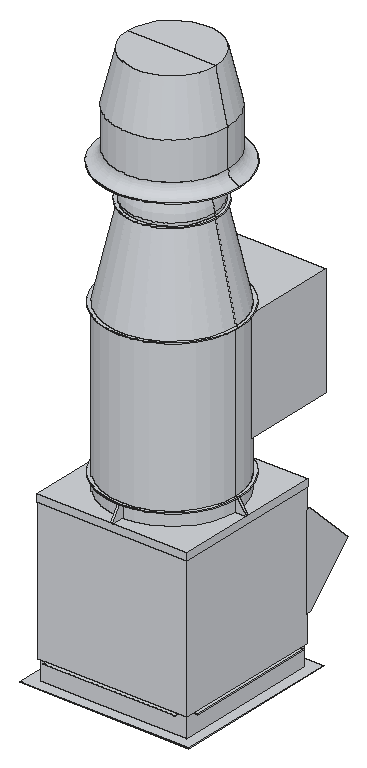
Revit family "QMXVP_with_Mixing_Box", category Mechanical Equipment, Revit 2019 (continued)
Types (225): name | UNIT_RADIUS+4" | UNIT_RADIUS*.6 | UNIT_RADIUS | UNIT_OD | UNIT_HEIGHT*.75 | UNIT_HEIGHT | TYPE | TRANSITION_TOP | RO/2 | RO | NOZZLE_WB_RAD-2" | NOZZLE_WB_RAD | NOZZLE_WB/4 | NOZZLE_TOP_RAD | NOZZLE_TOP_OD | NOZZLE_SIZE | NOZZLE_HEIGHT/7*2 | NOZZLE_HEIGHT | NOZZLE_BOTTOM_RAD | NOZZLE_WB_OD | NOZZLE_BOTTOM_ID | MB_HT/2 | MB_HT-2.75" | MB_HT+.25" | MB_HT | MB_A | GA | E | C/2 | C | B/2 | B | A/2 | A | Type Comments | Model | -A | (NOZZLE_WB_OD-NOZZLE_TOP_OD)/2 | (NOZZLE_HEIGHT-(NOZZLE_HEIGHT/8*2))/2 | (A/2)+.25"
  165_QMXHPVP-15H-Mixing_Box | 1' - 3 3/4" | 0' - 10.575" | 0' - 11 3/4" | 1' - 11 1/2" | 2' - 0 3/4" | 2' - 9" | 1' - 0" | 3' - 9 5/16" | 1' - 0 15/32" | 2' - 0 15/16" | 1' - 4" | 1' - 6" | 0' - 7.2" | 0' - 11 1/2" | 1' - 11" | 15' - 0" | 0' - 10 3/4" | 3' - 7" | 0' - 10 11/16" | 3' - 0" | 1' - 9 3/8" | 1' - 6 15/32" | 2' - 10 3/16" | 3' - 1 3/16" | 3' - 0 15/16" | 3' - 5" | 0' - 0 27/256" | 2' - 7 1/8" | 1' - 10" | 3' - 8" | 3' - 8 1/2" | 7' - 5" | 1' - 4" | 2' - 8" | "Vari-Plume Laboratory Exhaust Mixed-Flow High Pressure Inline Belt Drive With Mixing Box\r\n" | "QMXHPVP-Mixing Box" | -2' - 8" | 0' - 3 1/4" | 1' - 4 1/8" | 1' - 4 1/4"
  165_QMXHPVP-15L-Mixing_Box | 1' - 3 3/4" | 0' - 10.575" | 0' - 11 3/4" | 1' - 11 1/2" | 2' - 0 3/4" | 2' - 9" | 1' - 0" | 3' - 9 5/16" | 1' - 0 15/32" | 2' - 0 15/16" | 1' - 4" | 1' - 6" | 0' - 7.2" | 0' - 11 1/2" | 1' - 11" | 15' - 0" | 0' - 10 3/4" | 3' - 7" | 0' - 10 11/16" | 3' - 0" | 1' - 9 3/8" | 1' - 6 15/32" | 2' - 10 3/16" | 3' - 1 3/16" | 3' - 0 15/16" | 3' - 5" | 0' - 0 27/256" | 2' - 7 1/8" | 1' - 10" | 3' - 8" | 3' - 8 1/2" | 7' - 5" | 1' - 4" | 2' - 8" | "Vari-Plume Laboratory Exhaust Mixed-Flow High Pressure Inline Belt Drive With Mixing Box\r\n" | "QMXHPVP-Mixing Box" | -2' - 8" | 0' - 3 1/4" | 1' - 4 1/8" | 1' - 4 1/4"
  165_QMXHPVP-9H-Mixing_Box | 1' - 3 3/4" | 0' - 10.575" | 0' - 11 3/4" | 1' - 11 1/2" | 2' - 0 3/4" | 2' - 9" | 1' - 0" | 5' - 1 1/4" | 1' - 0 15/32" | 2' - 0 15/16" | 0' - 9 1/2" | 0' - 11 1/2" | 0' - 4.6" | 0' - 6 3/4" | 1' - 1 1/2" | 9' - 0" | 0' - 7" | 2' - 4" | 0' - 6 13/32" | 1' - 11" | 1' - 0 13/16" | 1' - 6 15/32" | 2' - 10 3/16" | 3' - 1 3/16" | 3' - 0 15/16" | 3' - 5" | 0' - 0 27/256" | 2' - 7 1/8" | 1' - 10" | 3' - 8" | 3' - 8 1/2" | 7' - 5" | 1' - 4" | 2' - 8" | "Vari-Plume Laboratory Exhaust Mixed-Flow High Pressure Inline Belt Drive With Mixing Box\r\n" | "QMXHPVP-Mixing Box" | -2' - 8" | 0' - 2 3/8" | 0' - 10 1/2" | 1' - 4 1/4"
  165_QMXHPVP-9L-Mixing_Box | 1' - 3 3/4" | 0' - 10.575" | 0' - 11 3/4" | 1' - 11 1/2" | 2' - 0 3/4" | 2' - 9" | 1' - 0" | 5' - 1 1/4" | 1' - 0 15/32" | 2' - 0 15/16" | 0' - 9 1/2" | 0' - 11 1/2" | 0' - 4.6" | 0' - 6 3/4" | 1' - 1 1/2" | 9' - 0" | 0' - 7" | 2' - 4" | 0' - 6 13/32" | 1' - 11" | 1' - 0 13/16" | 1' - 6 15/32" | 2' - 10 3/16" | 3' - 1 3/16" | 3' - 0 15/16" | 3' - 5" | 0' - 0 27/256" | 2' - 7 1/8" | 1' - 10" | 3' - 8" | 3' - 8 1/2" | 7' - 5" | 1' - 4" | 2' - 8" | "Vari-Plume Laboratory Exhaust Mixed-Flow High Pressure Inline Belt Drive With Mixing Box\r\n" | "QMXHPVP-Mixing Box" | -2' - 8" | 0' - 2 3/8" | 0' - 10 1/2" | 1' - 4 1/4"
  180_QMXHPVP-12H-Mixing_Box | 1' - 4 13/16" | 0' - 11 17/32" | 1' - 0 13/16" | 2' - 1 5/8" | 2' - 2 1/4" | 2' - 11" | 1' - 0" | 4' - 11 1/16" | 1' - 1 15/32" | 2' - 2 15/16" | 1' - 0" | 1' - 2" | 0' - 5.6" | 0' - 9 3/4" | 1' - 7 1/2" | 12' - 0" | 0' - 8" | 2' - 8" | 0' - 8 17/32" | 2' - 4" | 1' - 5 1/16" | 1' - 6 27/32" | 2' - 10 15/16" | 3' - 1 15/16" | 3' - 1 11/16" | 3' - 8" | 0' - 0 27/256" | 2' - 9 1/8" | 1' - 11" | 3' - 10" | 4' - 1" | 8' - 2" | 1' - 5" | 2' - 10" | "Vari-Plume Laboratory Exhaust Mixed-Flow High Pressure Inline Belt Drive With Mixing Box\r\n" | "QMXHPVP-Mixing Box" | -2' - 10" | 0' - 2 1/8" | 1' - 0" | 1' - 5 1/4"
  180_QMXHPVP-12L-Mixing_Box | 1' - 4 13/16" | 0' - 11 17/32" | 1' - 0 13/16" | 2' - 1 5/8" | 2' - 2 1/4" | 2' - 11" | 1' - 0" | 4' - 11 1/16" | 1' - 1 15/32" | 2' - 2 15/16" | 1' - 0" | 1' - 2" | 0' - 5.6" | 0' - 9 3/4" | 1' - 7 1/2" | 12' - 0" | 0' - 8" | 2' - 8" | 0' - 8 17/32" | 2' - 4" | 1' - 5 1/16" | 1' - 6 27/32" | 2' - 10 15/16" | 3' - 1 15/16" | 3' - 1 11/16" | 3' - 8" | 0' - 0 27/256" | 2' - 9 1/8" | 1' - 11" | 3' - 10" | 4' - 1" | 8' - 2" | 1' - 5" | 2' - 10" | "Vari-Plume Laboratory Exhaust Mixed-Flow High Pressure Inline Belt Drive With Mixing Box\r\n" | "QMXHPVP-Mixing Box" | -2' - 10" | 0' - 2 1/8" | 1' - 0" | 1' - 5 1/4"
  180_QMXHPVP-15H-Mixing_Box | 1' - 4 13/16" | 0' - 11 17/32" | 1' - 0 13/16" | 2' - 1 5/8" | 2' - 2 1/4" | 2' - 11" | 1' - 0" | 4' - 3 1/8" | 1' - 1 15/32" | 2' - 2 15/16" | 1' - 4" | 1' - 6" | 0' - 7.2" | 0' - 11 1/2" | 1' - 11" | 15' - 0" | 0' - 10 3/4" | 3' - 7" | 0' - 10 11/16" | 3' - 0" | 1' - 9 3/8" | 1' - 6 27/32" | 2' - 10 15/16" | 3' - 1 15/16" | 3' - 1 11/16" | 3' - 8" | 0' - 0 27/256" | 2' - 9 1/8" | 1' - 11" | 3' - 10" | 4' - 1" | 8' - 2" | 1' - 5" | 2' - 10" | "Vari-Plume Laboratory Exhaust Mixed-Flow High Pressure Inline Belt Drive With Mixing Box\r\n" | "QMXHPVP-Mixing Box" | -2' - 10" | 0' - 3 1/4" | 1' - 4 1/8" | 1' - 5 1/4"
  180_QMXHPVP-15L-Mixing_Box | 1' - 4 13/16" | 0' - 11 17/32" | 1' - 0 13/16" | 2' - 1 5/8" | 2' - 2 1/4" | 2' - 11" | 1' - 0" | 4' - 3 1/8" | 1' - 1 15/32" | 2' - 2 15/16" | 1' - 4" | 1' - 6" | 0' - 7.2" | 0' - 11 1/2" | 1' - 11" | 15' - 0" | 0' - 10 3/4" | 3' - 7" | 0' - 10 11/16" | 3' - 0" | 1' - 9 3/8" | 1' - 6 27/32" | 2' - 10 15/16" | 3' - 1 15/16" | 3' - 1 11/16" | 3' - 8" | 0' - 0 27/256" | 2' - 9 1/8" | 1' - 11" | 3' - 10" | 4' - 1" | 8' - 2" | 1' - 5" | 2' - 10" | "Vari-Plume Laboratory Exhaust Mixed-Flow High Pressure Inline Belt Drive With Mixing Box\r\n" | "QMXHPVP-Mixing Box" | -2' - 10" | 0' - 3 1/4" | 1' - 4 1/8" | 1' - 5 1/4"
  180_QMXHPVP-18H-Mixing_Box | 1' - 4 13/16" | 0' - 11 17/32" | 1' - 0 13/16" | 2' - 1 5/8" | 2' - 2 1/4" | 2' - 11" | 1' - 0" | 4' - 0 1/2" | 1' - 1 15/32" | 2' - 2 15/16" | 1' - 7 1/2" | 1' - 9 1/2" | 0' - 8.6" | 1' - 1 3/4" | 2' - 3 1/2" | 18' - 0" | 1' - 0" | 4' - 0" | 1' - 0 13/16" | 3' - 7" | 2' - 1 5/8" | 1' - 6 27/32" | 2' - 10 15/16" | 3' - 1 15/16" | 3' - 1 11/16" | 3' - 8" | 0' - 0 27/256" | 2' - 9 1/8" | 1' - 11" | 3' - 10" | 4' - 1" | 8' - 2" | 1' - 5" | 2' - 10" | "Vari-Plume Laboratory Exhaust Mixed-Flow High Pressure Inline Belt Drive With Mixing Box\r\n" | "QMXHPVP-Mixing Box" | -2' - 10" | 0' - 3 7/8" | 1' - 6" | 1' - 5 1/4"
  180_QMXHPVP-18L-Mixing_Box | 1' - 4 13/16" | 0' - 11 17/32" | 1' - 0 13/16" | 2' - 1 5/8" | 2' - 2 1/4" | 2' - 11" | 1' - 0" | 4' - 0 1/2" | 1' - 1 15/32" | 2' - 2 15/16" | 1' - 7 1/2" | 1' - 9 1/2" | 0' - 8.6" | 1' - 1 3/4" | 2' - 3 1/2" | 18' - 0" | 1' - 0" | 4' - 0" | 1' - 0 13/16" | 3' - 7" | 2' - 1 5/8" | 1' - 6 27/32" | 2' - 10 15/16" | 3' - 1 15/16" | 3' - 1 11/16" | 3' - 8" | 0' - 0 27/256" | 2' - 9 1/8" | 1' - 11" | 3' - 10" | 4' - 1" | 8' - 2" | 1' - 5" | 2' - 10" | "Vari-Plume Laboratory Exhaust Mixed-Flow High Pressure Inline Belt Drive With Mixing Box\r\n" | "QMXHPVP-Mixing Box" | -2' - 10" | 0' - 3 7/8" | 1' - 6" | 1' - 5 1/4"
  202_QMXHPVP-12H-Mixing_Box | 1' - 6 3/8" | 1' - 0 15/16" | 1' - 2 3/8" | 2' - 4 3/4" | 2' - 4 1/8" | 3' - 1 1/2" | 1' - 0" | 5' - 7 9/16" | 1' - 3 3/8" | 2' - 6 3/4" | 1' - 0" | 1' - 2" | 0' - 5.6" | 0' - 9 3/4" | 1' - 7 1/2" | 12' - 0" | 0' - 8" | 2' - 8" | 0' - 8 17/32" | 2' - 4" | 1' - 5 1/16" | 1' - 8 19/32" | 3' - 2 7/16" | 3' - 5 7/16" | 3' - 5 3/16" | 4' - 1" | 0' - 0 27/256" | 3' - 0 15/16" | 2' - 1" | 4' - 2" | 4' - 4" | 8' - 8" | 1' - 7" | 3' - 2" | "Vari-Plume Laboratory Exhaust Mixed-Flow High Pressure Inline Belt Drive With Mixing Box\r\n" | "QMXHPVP-Mixing Box" | -3' - 2" | 0' - 2 1/8" | 1' - 0" | 1' - 7 1/4"
  202_QMXHPVP-12L-Mixing_Box | 1' - 6 3/8" | 1' - 0 15/16" | 1' - 2 3/8" | 2' - 4 3/4" | 2' - 4 1/8" | 3' - 1 1/2" | 1' - 0" | 5' - 7 9/16" | 1' - 3 3/8" | 2' - 6 3/4" | 1' - 0" | 1' - 2" | 0' - 5.6" | 0' - 9 3/4" | 1' - 7 1/2" | 12' - 0" | 0' - 8" | 2' - 8" | 0' - 8 17/32" | 2' - 4" | 1' - 5 1/16" | 1' - 8 19/32" | 3' - 2 7/16" | 3' - 5 7/16" | 3' - 5 3/16" | 4' - 1" | 0' - 0 27/256" | 3' - 0 15/16" | 2' - 1" | 4' - 2" | 4' - 4" | 8' - 8" | 1' - 7" | 3' - 2" | "Vari-Plume Laboratory Exhaust Mixed-Flow High Pressure Inline Belt Drive With Mixing Box\r\n" | "QMXHPVP-Mixing Box" | -3' - 2" | 0' - 2 1/8" | 1' - 0" | 1' - 7 1/4"
  202_QMXHPVP-15H-Mixing_Box | 1' - 6 3/8" | 1' - 0 15/16" | 1' - 2 3/8" | 2' - 4 3/4" | 2' - 4 1/8" | 3' - 1 1/2" | 1' - 0" | 4' - 11 5/8" | 1' - 3 3/8" | 2' - 6 3/4" | 1' - 4" | 1' - 6" | 0' - 7.2" | 0' - 11 1/2" | 1' - 11" | 15' - 0" | 0' - 10 3/4" | 3' - 7" | 0' - 10 11/16" | 3' - 0" | 1' - 9 3/8" | 1' - 8 19/32" | 3' - 2 7/16" | 3' - 5 7/16" | 3' - 5 3/16" | 4' - 1" | 0' - 0 27/256" | 3' - 0 15/16" | 2' - 1" | 4' - 2" | 4' - 4" | 8' - 8" | 1' - 7" | 3' - 2" | "Vari-Plume Laboratory Exhaust Mixed-Flow High Pressure Inline Belt Drive With Mixing Box\r\n" | "QMXHPVP-Mixing Box" | -3' - 2" | 0' - 3 1/4" | 1' - 4 1/8" | 1' - 7 1/4"
  202_QMXHPVP-15L-Mixing_Box | 1' - 6 3/8" | 1' - 0 15/16" | 1' - 2 3/8" | 2' - 4 3/4" | 2' - 4 1/8" | 3' - 1 1/2" | 1' - 0" | 4' - 11 5/8" | 1' - 3 3/8" | 2' - 6 3/4" | 1' - 4" | 1' - 6" | 0' - 7.2" | 0' - 11 1/2" | 1' - 11" | 15' - 0" | 0' - 10 3/4" | 3' - 7" | 0' - 10 11/16" | 3' - 0" | 1' - 9 3/8" | 1' - 8 19/32" | 3' - 2 7/16" | 3' - 5 7/16" | 3' - 5 3/16" | 4' - 1" | 0' - 0 27/256" | 3' - 0 15/16" | 2' - 1" | 4' - 2" | 4' - 4" | 8' - 8" | 1' - 7" | 3' - 2" | "Vari-Plume Laboratory Exhaust Mixed-Flow High Pressure Inline Belt Drive With Mixing Box\r\n" | "QMXHPVP-Mixing Box" | -3' - 2" | 0' - 3 1/4" | 1' - 4 1/8" | 1' - 7 1/4"
  202_QMXHPVP-18H-Mixing_Box | 1' - 6 3/8" | 1' - 0 15/16" | 1' - 2 3/8" | 2' - 4 3/4" | 2' - 4 1/8" | 3' - 1 1/2" | 1' - 0" | 4' - 3 5/8" | 1' - 3 3/8" | 2' - 6 3/4" | 1' - 7 1/2" | 1' - 9 1/2" | 0' - 8.6" | 1' - 1 3/4" | 2' - 3 1/2" | 18' - 0" | 1' - 0" | 4' - 0" | 1' - 0 13/16" | 3' - 7" | 2' - 1 5/8" | 1' - 8 19/32" | 3' - 2 7/16" | 3' - 5 7/16" | 3' - 5 3/16" | 4' - 1" | 0' - 0 27/256" | 3' - 0 15/16" | 2' - 1" | 4' - 2" | 4' - 4" | 8' - 8" | 1' - 7" | 3' - 2" | "Vari-Plume Laboratory Exhaust Mixed-Flow High Pressure Inline Belt Drive With Mixing Box\r\n" | "QMXHPVP-Mixing Box" | -3' - 2" | 0' - 3 7/8" | 1' - 6" | 1' - 7 1/4"
  202_QMXHPVP-18L-Mixing_Box | 1' - 6 3/8" | 1' - 0 15/16" | 1' - 2 3/8" | 2' - 4 3/4" | 2' - 4 1/8" | 3' - 1 1/2" | 1' - 0" | 4' - 3 5/8" | 1' - 3 3/8" | 2' - 6 3/4" | 1' - 7 1/2" | 1' - 9 1/2" | 0' - 8.6" | 1' - 1 3/4" | 2' - 3 1/2" | 18' - 0" | 1' - 0" | 4' - 0" | 1' - 0 13/16" | 3' - 7" | 2' - 1 5/8" | 1' - 8 19/32" | 3' - 2 7/16" | 3' - 5 7/16" | 3' - 5 3/16" | 4' - 1" | 0' - 0 27/256" | 3' - 0 15/16" | 2' - 1" | 4' - 2" | 4' - 4" | 8' - 8" | 1' - 7" | 3' - 2" | "Vari-Plume Laboratory Exhaust Mixed-Flow High Pressure Inline Belt Drive With Mixing Box\r\n" | "QMXHPVP-Mixing Box" | -3' - 2" | 0' - 3 7/8" | 1' - 6" | 1' - 7 1/4"
  225_QMXHPVP-12H-Mixing_Box | 1' - 7 31/32" | 1' - 2.37188" | 1' - 3 31/32" | 2' - 7 15/16" | 2' - 6 3/4" | 3' - 5" | 1' - 0" | 6' - 5 1/16" | 1' - 5 3/8" | 2' - 10 3/4" | 1' - 0" | 1' - 2" | 0' - 5.6" | 0' - 9 3/4" | 1' - 7 1/2" | 12' - 0" | 0' - 8" | 2' - 8" | 0' - 8 17/32" | 2' - 4" | 1' - 5 1/16" | 1' - 9 19/32" | 3' - 4 7/16" | 3' - 7 7/16" | 3' - 7 3/16" | 4' - 6" | 0' - 0 27/256" | 3' - 4 15/16" | 2' - 4" | 4' - 8" | 4' - 8 1/2" | 9' - 5" | 1' - 9" | 3' - 6" | "Vari-Plume Laboratory Exhaust Mixed-Flow High Pressure Inline Belt Drive With Mixing Box\r\n" | "QMXHPVP-Mixing Box" | -3' - 6" | 0' - 2 1/8" | 1' - 0" | 1' - 9 1/4"
  225_QMXHPVP-12L-Mixing_Box | 1' - 7 31/32" | 1' - 2.37188" | 1' - 3 31/32" | 2' - 7 15/16" | 2' - 6 3/4" | 3' - 5" | 1' - 0" | 6' - 5 1/16" | 1' - 5 3/8" | 2' - 10 3/4" | 1' - 0" | 1' - 2" | 0' - 5.6" | 0' - 9 3/4" | 1' - 7 1/2" | 12' - 0" | 0' - 8" | 2' - 8" | 0' - 8 17/32" | 2' - 4" | 1' - 5 1/16" | 1' - 9 19/32" | 3' - 4 7/16" | 3' - 7 7/16" | 3' - 7 3/16" | 4' - 6" | 0' - 0 27/256" | 3' - 4 15/16" | 2' - 4" | 4' - 8" | 4' - 8 1/2" | 9' - 5" | 1' - 9" | 3' - 6" | "Vari-Plume Laboratory Exhaust Mixed-Flow High Pressure Inline Belt Drive With Mixing Box\r\n" | "QMXHPVP-Mixing Box" | -3' - 6" | 0' - 2 1/8" | 1' - 0" | 1' - 9 1/4"
  225_QMXHPVP-15H-Mixing_Box | 1' - 7 31/32" | 1' - 2.37188" | 1' - 3 31/32" | 2' - 7 15/16" | 2' - 6 3/4" | 3' - 5" | 1' - 0" | 5' - 9 1/8" | 1' - 5 3/8" | 2' - 10 3/4" | 1' - 4" | 1' - 6" | 0' - 7.2" | 0' - 11 1/2" | 1' - 11" | 15' - 0" | 0' - 10 3/4" | 3' - 7" | 0' - 10 11/16" | 3' - 0" | 1' - 9 3/8" | 1' - 9 19/32" | 3' - 4 7/16" | 3' - 7 7/16" | 3' - 7 3/16" | 4' - 6" | 0' - 0 27/256" | 3' - 4 15/16" | 2' - 4" | 4' - 8" | 4' - 8 1/2" | 9' - 5" | 1' - 9" | 3' - 6" | "Vari-Plume Laboratory Exhaust Mixed-Flow High Pressure Inline Belt Drive With Mixing Box\r\n" | "QMXHPVP-Mixing Box" | -3' - 6" | 0' - 3 1/4" | 1' - 4 1/8" | 1' - 9 1/4"
  225_QMXHPVP-15L-Mixing_Box | 1' - 7 31/32" | 1' - 2.37188" | 1' - 3 31/32" | 2' - 7 15/16" | 2' - 6 3/4" | 3' - 5" | 1' - 0" | 5' - 9 1/8" | 1' - 5 3/8" | 2' - 10 3/4" | 1' - 4" | 1' - 6" | 0' - 7.2" | 0' - 11 1/2" | 1' - 11" | 15' - 0" | 0' - 10 3/4" | 3' - 7" | 0' - 10 11/16" | 3' - 0" | 1' - 9 3/8" | 1' - 9 19/32" | 3' - 4 7/16" | 3' - 7 7/16" | 3' - 7 3/16" | 4' - 6" | 0' - 0 27/256" | 3' - 4 15/16" | 2' - 4" | 4' - 8" | 4' - 8 1/2" | 9' - 5" | 1' - 9" | 3' - 6" | "Vari-Plume Laboratory Exhaust Mixed-Flow High Pressure Inline Belt Drive With Mixing Box\r\n" | "QMXHPVP-Mixing Box" | -3' - 6" | 0' - 3 1/4" | 1' - 4 1/8" | 1' - 9 1/4"
  225_QMXVP-18H-Mixing_Box | 1' - 7 31/32" | 1' - 2.37188" | 1' - 3 31/32" | 2' - 7 15/16" | 2' - 6 3/4" | 3' - 5" | 0' - 0" | 5' - 1 1/8" | 1' - 5 3/8" | 2' - 10 3/4" | 1' - 7 1/2" | 1' - 9 1/2" | 0' - 8.6" | 1' - 1 3/4" | 2' - 3 1/2" | 18' - 0" | 1' - 0" | 4' - 0" | 1' - 0 13/16" | 3' - 7" | 2' - 1 5/8" | 1' - 9 19/32" | 3' - 4 7/16" | 3' - 7 7/16" | 3' - 7 3/16" | 4' - 6" | 0' - 0 27/256" | 3' - 4 15/16" | 2' - 4" | 4' - 8" | 4' - 8 1/2" | 9' - 5" | 1' - 9" | 3' - 6" | "Vari-Plume Laboratory Exhaust Mixed-Flow Inline Belt Drive With Mixing Box\r\n" | "QMXVP-Mixing Box" | -3' - 6" | 0' - 3 7/8" | 1' - 6" | 1' - 9 1/4"
  225_QMXHPVP-18L-Mixing_Box | 1' - 7 31/32" | 1' - 2.37188" | 1' - 3 31/32" | 2' - 7 15/16" | 2' - 6 3/4" | 3' - 5" | 1' - 0" | 5' - 1 1/8" | 1' - 5 3/8" | 2' - 10 3/4" | 1' - 7 1/2" | 1' - 9 1/2" | 0' - 8.6" | 1' - 1 3/4" | 2' - 3 1/2" | 18' - 0" | 1' - 0" | 4' - 0" | 1' - 0 13/16" | 3' - 7" | 2' - 1 5/8" | 1' - 9 19/32" | 3' - 4 7/16" | 3' - 7 7/16" | 3' - 7 3/16" | 4' - 6" | 0' - 0 27/256" | 3' - 4 15/16" | 2' - 4" | 4' - 8" | 4' - 8 1/2" | 9' - 5" | 1' - 9" | 3' - 6" | "Vari-Plume Laboratory Exhaust Mixed-Flow High Pressure Inline Belt Drive With Mixing Box\r\n" | "QMXHPVP-Mixing Box" | -3' - 6" | 0' - 3 7/8" | 1' - 6" | 1' - 9 1/4"
  245_QMXHPVP-15H-Mixing_Box | 1' - 9 3/8" | 1' - 3.6375" | 1' - 5 3/8" | 2' - 10 3/4" | 2' - 9 3/8" | 3' - 8 1/2" | 1' - 0" | 6' - 5 11/16" | 1' - 6 3/8" | 3' - 0 3/4" | 1' - 4" | 1' - 6" | 0' - 7.2" | 0' - 11 1/2" | 1' - 11" | 15' - 0" | 0' - 10 3/4" | 3' - 7" | 0' - 10 11/16" | 3' - 0" | 1' - 9 3/8" | 1' - 10 23/32" | 3' - 6 11/16" | 3' - 9 11/16" | 3' - 9 7/16" | 4' - 9" | 0' - 0 27/256" | 3' - 6 15/16" | 2' - 5 1/2" | 4' - 11" | 5' - 0 1/2" | 10' - 1" | 1' - 10" | 3' - 8" | "Vari-Plume Laboratory Exhaust Mixed-Flow High Pressure Inline Belt Drive With Mixing Box\r\n" | "QMXHPVP-Mixing Box" | -3' - 8" | 0' - 3 1/4" | 1' - 4 1/8" | 1' - 10 1/4"
  245_QMXHPVP-15L-Mixing_Box | 1' - 9 3/8" | 1' - 3.6375" | 1' - 5 3/8" | 2' - 10 3/4" | 2' - 9 3/8" | 3' - 8 1/2" | 1' - 0" | 6' - 5 11/16" | 1' - 6 3/8" | 3' - 0 3/4" | 1' - 4" | 1' - 6" | 0' - 7.2" | 0' - 11 1/2" | 1' - 11" | 15' - 0" | 0' - 10 3/4" | 3' - 7" | 0' - 10 11/16" | 3' - 0" | 1' - 9 3/8" | 1' - 10 23/32" | 3' - 6 11/16" | 3' - 9 11/16" | 3' - 9 7/16" | 4' - 9" | 0' - 0 27/256" | 3' - 6 15/16" | 2' - 5 1/2" | 4' - 11" | 5' - 0 1/2" | 10' - 1" | 1' - 10" | 3' - 8" | "Vari-Plume Laboratory Exhaust Mixed-Flow High Pressure Inline Belt Drive With Mixing Box\r\n" | "QMXHPVP-Mixing Box" | -3' - 8" | 0' - 3 1/4" | 1' - 4 1/8" | 1' - 10 1/4"
  245_QMXHPVP-18H-Mixing_Box | 1' - 9 3/8" | 1' - 3.6375" | 1' - 5 3/8" | 2' - 10 3/4" | 2' - 9 3/8" | 3' - 8 1/2" | 1' - 0" | 5' - 9 11/16" | 1' - 6 3/8" | 3' - 0 3/4" | 1' - 7 1/2" | 1' - 9 1/2" | 0' - 8.6" | 1' - 1 3/4" | 2' - 3 1/2" | 18' - 0" | 1' - 0" | 4' - 0" | 1' - 0 13/16" | 3' - 7" | 2' - 1 5/8" | 1' - 10 23/32" | 3' - 6 11/16" | 3' - 9 11/16" | 3' - 9 7/16" | 4' - 9" | 0' - 0 27/256" | 3' - 6 15/16" | 2' - 5 1/2" | 4' - 11" | 5' - 0 1/2" | 10' - 1" | 1' - 10" | 3' - 8" | "Vari-Plume Laboratory Exhaust Mixed-Flow High Pressure Inline Belt Drive With Mixing Box\r\n" | "QMXHPVP-Mixing Box" | -3' - 8" | 0' - 3 7/8" | 1' - 6" | 1' - 10 1/4"
  245_QMXHPVP-18L-Mixing_Box | 1' - 9 3/8" | 1' - 3.6375" | 1' - 5 3/8" | 2' - 10 3/4" | 2' - 9 3/8" | 3' - 8 1/2" | 1' - 0" | 5' - 9 11/16" | 1' - 6 3/8" | 3' - 0 3/4" | 1' - 7 1/2" | 1' - 9 1/2" | 0' - 8.6" | 1' - 1 3/4" | 2' - 3 1/2" | 18' - 0" | 1' - 0" | 4' - 0" | 1' - 0 13/16" | 3' - 7" | 2' - 1 5/8" | 1' - 10 23/32" | 3' - 6 11/16" | 3' - 9 11/16" | 3' - 9 7/16" | 4' - 9" | 0' - 0 27/256" | 3' - 6 15/16" | 2' - 5 1/2" | 4' - 11" | 5' - 0 1/2" | 10' - 1" | 1' - 10" | 3' - 8" | "Vari-Plume Laboratory Exhaust Mixed-Flow High Pressure Inline Belt Drive With Mixing Box\r\n" | "QMXHPVP-Mixing Box" | -3' - 8" | 0' - 3 7/8" | 1' - 6" | 1' - 10 1/4"
  245_QMXHPVP-24H-Mixing_Box | 1' - 9 3/8" | 1' - 3.6375" | 1' - 5 3/8" | 2' - 10 3/4" | 2' - 9 3/8" | 3' - 8 1/2" | 1' - 0" | 4' - 9 3/4" | 1' - 6 3/8" | 3' - 0 3/4" | 2' - 4 1/2" | 2' - 6 1/2" | 1' - 0.2" | 1' - 6 1/4" | 3' - 0 1/2" | 24' - 0" | 1' - 3 1/2" | 5' - 2" | 1' - 5 3/8" | 5' - 1" | 2' - 10 3/4" | 1' - 10 23/32" | 3' - 6 11/16" | 3' - 9 11/16" | 3' - 9 7/16" | 4' - 9" | 0' - 0 27/256" | 3' - 6 15/16" | 2' - 5 1/2" | 4' - 11" | 5' - 0 1/2" | 10' - 1" | 1' - 10" | 3' - 8" | "Vari-Plume Laboratory Exhaust Mixed-Flow High Pressure Inline Belt Drive With Mixing Box\r\n" | "QMXHPVP-Mixing Box" | -3' - 8" | 0' - 6 1/8" | 1' - 11 1/4" | 1' - 10 1/4"
  245_QMXHPVP-24L-Mixing_Box | 1' - 9 3/8" | 1' - 3.6375" | 1' - 5 3/8" | 2' - 10 3/4" | 2' - 9 3/8" | 3' - 8 1/2" | 1' - 0" | 4' - 9 3/4" | 1' - 6 3/8" | 3' - 0 3/4" | 2' - 4 1/2" | 2' - 6 1/2" | 1' - 0.2" | 1' - 6 1/4" | 3' - 0 1/2" | 24' - 0" | 1' - 3 1/2" | 5' - 2" | 1' - 5 3/8" | 5' - 1" | 2' - 10 3/4" | 1' - 10 23/32" | 3' - 6 11/16" | 3' - 9 11/16" | 3' - 9 7/16" | 4' - 9" | 0' - 0 27/256" | 3' - 6 15/16" | 2' - 5 1/2" | 4' - 11" | 5' - 0 1/2" | 10' - 1" | 1' - 10" | 3' - 8" | "Vari-Plume Laboratory Exhaust Mixed-Flow High Pressure Inline Belt Drive With Mixing Box\r\n" | "QMXHPVP-Mixing Box" | -3' - 8" | 0' - 6 1/8" | 1' - 11 1/4" | 1' - 10 1/4"
  270_QMXHPVP-15H-Mixing_Box | 1' - 11 5/32" | 1' - 5.24062" | 1' - 7 5/32" | 3' - 2 5/16" | 2' - 11 1/4" | 3' - 11" | 1' - 0" | 7' - 2 3/16" | 1' - 8 3/8" | 3' - 4 3/4" | 1' - 4" | 1' - 6" | 0' - 7.2" | 0' - 11 1/2" | 1' - 11" | 15' - 0" | 0' - 10 3/4" | 3' - 7" | 0' - 10 11/16" | 3' - 0" | 1' - 9 3/8" | 1' - 11 19/32" | 3' - 8 7/16" | 3' - 11 7/16" | 3' - 11 3/16" | 5' - 2" | 0' - 0 27/256" | 3' - 10 15/16" | 2' - 7 1/2" | 5' - 3" | 5' - 4" | 10' - 8" | 2' - 0" | 4' - 0" | "Vari-Plume Laboratory Exhaust Mixed-Flow High Pressure Inline Belt Drive With Mixing Box\r\n" | "QMXHPVP-Mixing Box" | -4' - 0" | 0' - 3 1/4" | 1' - 4 1/8" | 2' - 0 1/4"
  270_QMXHPVP-15L-Mixing_Box | 1' - 11 5/32" | 1' - 5.24062" | 1' - 7 5/32" | 3' - 2 5/16" | 2' - 11 1/4" | 3' - 11" | 1' - 0" | 7' - 2 3/16" | 1' - 8 3/8" | 3' - 4 3/4" | 1' - 4" | 1' - 6" | 0' - 7.2" | 0' - 11 1/2" | 1' - 11" | 15' - 0" | 0' - 10 3/4" | 3' - 7" | 0' - 10 11/16" | 3' - 0" | 1' - 9 3/8" | 1' - 11 19/32" | 3' - 8 7/16" | 3' - 11 7/16" | 3' - 11 3/16" | 5' - 2" | 0' - 0 27/256" | 3' - 10 15/16" | 2' - 7 1/2" | 5' - 3" | 5' - 4" | 10' - 8" | 2' - 0" | 4' - 0" | "Vari-Plume Laboratory Exhaust Mixed-Flow High Pressure Inline Belt Drive With Mixing Box\r\n" | "QMXHPVP-Mixing Box" | -4' - 0" | 0' - 3 1/4" | 1' - 4 1/8" | 2' - 0 1/4"
  270_QMXHPVP-18H-Mixing_Box | 1' - 11 5/32" | 1' - 5.24062" | 1' - 7 5/32" | 3' - 2 5/16" | 2' - 11 1/4" | 3' - 11" | 1' - 0" | 6' - 7 3/16" | 1' - 8 3/8" | 3' - 4 3/4" | 1' - 7 1/2" | 1' - 9 1/2" | 0' - 8.6" | 1' - 1 3/4" | 2' - 3 1/2" | 18' - 0" | 1' - 0" | 4' - 0" | 1' - 0 13/16" | 3' - 7" | 2' - 1 5/8" | 1' - 11 19/32" | 3' - 8 7/16" | 3' - 11 7/16" | 3' - 11 3/16" | 5' - 2" | 0' - 0 27/256" | 3' - 10 15/16" | 2' - 7 1/2" | 5' - 3" | 5' - 4" | 10' - 8" | 2' - 0" | 4' - 0" | "Vari-Plume Laboratory Exhaust Mixed-Flow High Pressure Inline Belt Drive With Mixing Box\r\n" | "QMXHPVP-Mixing Box" | -4' - 0" | 0' - 3 7/8" | 1' - 6" | 2' - 0 1/4"
  270_QMXHPVP-18L-Mixing_Box | 1' - 11 5/32" | 1' - 5.24062" | 1' - 7 5/32" | 3' - 2 5/16" | 2' - 11 1/4" | 3' - 11" | 1' - 0" | 6' - 7 3/16" | 1' - 8 3/8" | 3' - 4 3/4" | 1' - 7 1/2" | 1' - 9 1/2" | 0' - 8.6" | 1' - 1 3/4" | 2' - 3 1/2" | 18' - 0" | 1' - 0" | 4' - 0" | 1' - 0 13/16" | 3' - 7" | 2' - 1 5/8" | 1' - 11 19/32" | 3' - 8 7/16" | 3' - 11 7/16" | 3' - 11 3/16" | 5' - 2" | 0' - 0 27/256" | 3' - 10 15/16" | 2' - 7 1/2" | 5' - 3" | 5' - 4" | 10' - 8" | 2' - 0" | 4' - 0" | "Vari-Plume Laboratory Exhaust Mixed-Flow High Pressure Inline Belt Drive With Mixing Box\r\n" | "QMXHPVP-Mixing Box" | -4' - 0" | 0' - 3 7/8" | 1' - 6" | 2' - 0 1/4"
  270_QMXHPVP-24H-Mixing_Box | 1' - 11 5/32" | 1' - 5.24062" | 1' - 7 5/32" | 3' - 2 5/16" | 2' - 11 1/4" | 3' - 11" | 1' - 0" | 5' - 2 1/4" | 1' - 8 3/8" | 3' - 4 3/4" | 2' - 4 1/2" | 2' - 6 1/2" | 1' - 0.2" | 1' - 6 1/4" | 3' - 0 1/2" | 24' - 0" | 1' - 3 1/2" | 5' - 2" | 1' - 5 3/8" | 5' - 1" | 2' - 10 3/4" | 1' - 11 19/32" | 3' - 8 7/16" | 3' - 11 7/16" | 3' - 11 3/16" | 5' - 2" | 0' - 0 27/256" | 3' - 10 15/16" | 2' - 7 1/2" | 5' - 3" | 5' - 4" | 10' - 8" | 2' - 0" | 4' - 0" | "Vari-Plume Laboratory Exhaust Mixed-Flow High Pressure Inline Belt Drive With Mixing Box\r\n" | "QMXHPVP-Mixing Box" | -4' - 0" | 0' - 6 1/8" | 1' - 11 1/4" | 2' - 0 1/4"
  270_QMXHPVP-24L-Mixing_Box | 1' - 11 5/32" | 1' - 5.24062" | 1' - 7 5/32" | 3' - 2 5/16" | 2' - 11 1/4" | 3' - 11" | 1' - 0" | 5' - 2 1/4" | 1' - 8 3/8" | 3' - 4 3/4" | 2' - 4 1/2" | 2' - 6 1/2" | 1' - 0.2" | 1' - 6 1/4" | 3' - 0 1/2" | 24' - 0" | 1' - 3 1/2" | 5' - 2" | 1' - 5 3/8" | 5' - 1" | 2' - 10 3/4" | 1' - 11 19/32" | 3' - 8 7/16" | 3' - 11 7/16" | 3' - 11 3/16" | 5' - 2" | 0' - 0 27/256" | 3' - 10 15/16" | 2' - 7 1/2" | 5' - 3" | 5' - 4" | 10' - 8" | 2' - 0" | 4' - 0" | "Vari-Plume Laboratory Exhaust Mixed-Flow High Pressure Inline Belt Drive With Mixing Box\r\n" | "QMXHPVP-Mixing Box" | -4' - 0" | 0' - 6 1/8" | 1' - 11 1/4" | 2' - 0 1/4"
  300_QMXHPVP-18H-Mixing_Box | 2' - 1 1/4" | 1' - 7 1/8" | 1' - 9 1/4" | 3' - 6 1/2" | 3' - 4 1/2" | 4' - 6" | 1' - 0" | 7' - 10 3/16" | 1' - 10 3/8" | 3' - 8 3/4" | 1' - 7 1/2" | 1' - 9 1/2" | 0' - 8.6" | 1' - 1 3/4" | 2' - 3 1/2" | 18' - 0" | 1' - 0" | 4' - 0" | 1' - 0 13/16" | 3' - 7" | 2' - 1 5/8" | 2' - 1 7/32" | 3' - 11 11/16" | 4' - 2 11/16" | 4' - 2 7/16" | 5' - 8" | 0' - 0 27/256" | 4' - 2 15/16" | 2' - 9 1/2" | 5' - 7" | 6' - 2" | 12' - 4" | 2' - 2" | 4' - 4" | "Vari-Plume Laboratory Exhaust Mixed-Flow High Pressure Inline Belt Drive With Mixing Box\r\n" | "QMXHPVP-Mixing Box" | -4' - 4" | 0' - 3 7/8" | 1' - 6" | 2' - 2 1/4"
  300_QMXHPVP-18L-Mixing_Box | 2' - 1 1/4" | 1' - 7 1/8" | 1' - 9 1/4" | 3' - 6 1/2" | 3' - 4 1/2" | 4' - 6" | 1' - 0" | 7' - 10 3/16" | 1' - 10 3/8" | 3' - 8 3/4" | 1' - 7 1/2" | 1' - 9 1/2" | 0' - 8.6" | 1' - 1 3/4" | 2' - 3 1/2" | 18' - 0" | 1' - 0" | 4' - 0" | 1' - 0 13/16" | 3' - 7" | 2' - 1 5/8" | 2' - 1 7/32" | 3' - 11 11/16" | 4' - 2 11/16" | 4' - 2 7/16" | 5' - 8" | 0' - 0 27/256" | 4' - 2 15/16" | 2' - 9 1/2" | 5' - 7" | 6' - 2" | 12' - 4" | 2' - 2" | 4' - 4" | "Vari-Plume Laboratory Exhaust Mixed-Flow High Pressure Inline Belt Drive With Mixing Box\r\n" | "QMXHPVP-Mixing Box" | -4' - 4" | 0' - 3 7/8" | 1' - 6" | 2' - 2 1/4"
  300_QMXHPVP-24H-Mixing_Box | 2' - 1 1/4" | 1' - 7 1/8" | 1' - 9 1/4" | 3' - 6 1/2" | 3' - 4 1/2" | 4' - 6" | 1' - 0" | 6' - 5 1/4" | 1' - 10 3/8" | 3' - 8 3/4" | 2' - 4 1/2" | 2' - 6 1/2" | 1' - 0.2" | 1' - 6 1/4" | 3' - 0 1/2" | 24' - 0" | 1' - 3 1/2" | 5' - 2" | 1' - 5 3/8" | 5' - 1" | 2' - 10 3/4" | 2' - 1 7/32" | 3' - 11 11/16" | 4' - 2 11/16" | 4' - 2 7/16" | 5' - 8" | 0' - 0 27/256" | 4' - 2 15/16" | 2' - 9 1/2" | 5' - 7" | 6' - 2" | 12' - 4" | 2' - 2" | 4' - 4" | "Vari-Plume Laboratory Exhaust Mixed-Flow High Pressure Inline Belt Drive With Mixing Box\r\n" | "QMXHPVP-Mixing Box" | -4' - 4" | 0' - 6 1/8" | 1' - 11 1/4" | 2' - 2 1/4"
  300_QMXHPVP-24L-Mixing_Box | 2' - 1 1/4" | 1' - 7 1/8" | 1' - 9 1/4" | 3' - 6 1/2" | 3' - 4 1/2" | 4' - 6" | 1' - 0" | 6' - 5 1/4" | 1' - 10 3/8" | 3' - 8 3/4" | 2' - 4 1/2" | 2' - 6 1/2" | 1' - 0.2" | 1' - 6 1/4" | 3' - 0 1/2" | 24' - 0" | 1' - 3 1/2" | 5' - 2" | 1' - 5 3/8" | 5' - 1" | 2' - 10 3/4" | 2' - 1 7/32" | 3' - 11 11/16" | 4' - 2 11/16" | 4' - 2 7/16" | 5' - 8" | 0' - 0 27/256" | 4' - 2 15/16" | 2' - 9 1/2" | 5' - 7" | 6' - 2" | 12' - 4" | 2' - 2" | 4' - 4" | "Vari-Plume Laboratory Exhaust Mixed-Flow High Pressure Inline Belt Drive With Mixing Box\r\n" | "QMXHPVP-Mixing Box" | -4' - 4" | 0' - 6 1/8" | 1' - 11 1/4" | 2' - 2 1/4"
  300_QMXHPVP-30H-Mixing_Box | 2' - 1 1/4" | 1' - 7 1/8" | 1' - 9 1/4" | 3' - 6 1/2" | 3' - 4 1/2" | 4' - 6" | 1' - 0" | 5' - 8 1/4" | 1' - 10 3/8" | 3' - 8 3/4" | 2' - 11" | 3' - 1" | 1' - 2.8" | 1' - 10 3/4" | 3' - 9 1/2" | 30' - 0" | 1' - 7 1/2" | 6' - 6" | 1' - 9 1/4" | 6' - 2" | 3' - 6 1/2" | 2' - 1 7/32" | 3' - 11 11/16" | 4' - 2 11/16" | 4' - 2 7/16" | 5' - 8" | 0' - 0 27/256" | 4' - 2 15/16" | 2' - 9 1/2" | 5' - 7" | 6' - 2" | 12' - 4" | 2' - 2" | 4' - 4" | "Vari-Plume Laboratory Exhaust Mixed-Flow High Pressure Inline Belt Drive With Mixing Box\r\n" | "QMXHPVP-Mixing Box" | -4' - 4" | 0' - 7 1/8" | 2' - 5 1/4" | 2' - 2 1/4"
  300_QMXHPVP-30L-Mixing_Box | 2' - 1 1/4" | 1' - 7 1/8" | 1' - 9 1/4" | 3' - 6 1/2" | 3' - 4 1/2" | 4' - 6" | 1' - 0" | 5' - 8 1/4" | 1' - 10 3/8" | 3' - 8 3/4" | 2' - 11" | 3' - 1" | 1' - 2.8" | 1' - 10 3/4" | 3' - 9 1/2" | 30' - 0" | 1' - 7 1/2" | 6' - 6" | 1' - 9 1/4" | 6' - 2" | 3' - 6 1/2" | 2' - 1 7/32" | 3' - 11 11/16" | 4' - 2 11/16" | 4' - 2 7/16" | 5' - 8" | 0' - 0 27/256" | 4' - 2 15/16" | 2' - 9 1/2" | 5' - 7" | 6' - 2" | 12' - 4" | 2' - 2" | 4' - 4" | "Vari-Plume Laboratory Exhaust Mixed-Flow High Pressure Inline Belt Drive With Mixing Box\r\n" | "QMXHPVP-Mixing Box" | -4' - 4" | 0' - 7 1/8" | 2' - 5 1/4" | 2' - 2 1/4"
  330_QMXHPVP-24H-Mixing_Box | 2' - 3 3/8" | 1' - 9.0375" | 1' - 11 3/8" | 3' - 10 3/4" | 3' - 7 7/8" | 4' - 10 1/2" | 1' - 0" | 7' - 5 3/4" | 2' - 0 5/16" | 4' - 0 5/8" | 2' - 4 1/2" | 2' - 6 1/2" | 1' - 0.2" | 1' - 6 1/4" | 3' - 0 1/2" | 24' - 0" | 1' - 3 1/2" | 5' - 2" | 1' - 5 3/8" | 5' - 1" | 2' - 10 3/4" | 2' - 2 27/32" | 4' - 2 15/16" | 4' - 5 15/16" | 4' - 5 11/16" | 6' - 1" | 0' - 0 27/256" | 4' - 6 13/16" | 3' - 0 1/2" | 6' - 1" | 6' - 5" | 12' - 10" | 2' - 4" | 4' - 8" | "Vari-Plume Laboratory Exhaust Mixed-Flow High Pressure Inline Belt Drive With Mixing Box\r\n" | "QMXHPVP-Mixing Box" | -4' - 8" | 0' - 6 1/8" | 1' - 11 1/4" | 2' - 4 1/4"
  330_QMXHPVP-24L-Mixing_Box | 2' - 3 3/8" | 1' - 9.0375" | 1' - 11 3/8" | 3' - 10 3/4" | 3' - 7 7/8" | 4' - 10 1/2" | 1' - 0" | 7' - 5 3/4" | 2' - 0 5/16" | 4' - 0 5/8" | 2' - 4 1/2" | 2' - 6 1/2" | 1' - 0.2" | 1' - 6 1/4" | 3' - 0 1/2" | 24' - 0" | 1' - 3 1/2" | 5' - 2" | 1' - 5 3/8" | 5' - 1" | 2' - 10 3/4" | 2' - 2 27/32" | 4' - 2 15/16" | 4' - 5 15/16" | 4' - 5 11/16" | 6' - 1" | 0' - 0 27/256" | 4' - 6 13/16" | 3' - 0 1/2" | 6' - 1" | 6' - 5" | 12' - 10" | 2' - 4" | 4' - 8" | "Vari-Plume Laboratory Exhaust Mixed-Flow High Pressure Inline Belt Drive With Mixing Box\r\n" | "QMXHPVP-Mixing Box" | -4' - 8" | 0' - 6 1/8" | 1' - 11 1/4" | 2' - 4 1/4"
  330_QMXHPVP-30H-Mixing_Box | 2' - 3 3/8" | 1' - 9.0375" | 1' - 11 3/8" | 3' - 10 3/4" | 3' - 7 7/8" | 4' - 10 1/2" | 1' - 0" | 6' - 2 3/4" | 2' - 0 5/16" | 4' - 0 5/8" | 2' - 11" | 3' - 1" | 1' - 2.8" | 1' - 10 3/4" | 3' - 9 1/2" | 30' - 0" | 1' - 7 1/2" | 6' - 6" | 1' - 9 1/4" | 6' - 2" | 3' - 6 1/2" | 2' - 2 27/32" | 4' - 2 15/16" | 4' - 5 15/16" | 4' - 5 11/16" | 6' - 1" | 0' - 0 27/256" | 4' - 6 13/16" | 3' - 0 1/2" | 6' - 1" | 6' - 5" | 12' - 10" | 2' - 4" | 4' - 8" | "Vari-Plume Laboratory Exhaust Mixed-Flow High Pressure Inline Belt Drive With Mixing Box\r\n" | "QMXHPVP-Mixing Box" | -4' - 8" | 0' - 7 1/8" | 2' - 5 1/4" | 2' - 4 1/4"
  330_QMXHPVP-30L-Mixing_Box | 2' - 3 3/8" | 1' - 9.0375" | 1' - 11 3/8" | 3' - 10 3/4" | 3' - 7 7/8" | 4' - 10 1/2" | 1' - 0" | 6' - 2 3/4" | 2' - 0 5/16" | 4' - 0 5/8" | 2' - 11" | 3' - 1" | 1' - 2.8" | 1' - 10 3/4" | 3' - 9 1/2" | 30' - 0" | 1' - 7 1/2" | 6' - 6" | 1' - 9 1/4" | 6' - 2" | 3' - 6 1/2" | 2' - 2 27/32" | 4' - 2 15/16" | 4' - 5 15/16" | 4' - 5 11/16" | 6' - 1" | 0' - 0 27/256" | 4' - 6 13/16" | 3' - 0 1/2" | 6' - 1" | 6' - 5" | 12' - 10" | 2' - 4" | 4' - 8" | "Vari-Plume Laboratory Exhaust Mixed-Flow High Pressure Inline Belt Drive With Mixing Box\r\n" | "QMXHPVP-Mixing Box" | -4' - 8" | 0' - 7 1/8" | 2' - 5 1/4" | 2' - 4 1/4"
  365_QMXHPVP-24H-Mixing_Box | 2' - 5 7/8" | 1' - 11.2875" | 2' - 1 7/8" | 4' - 3 3/4" | 4' - 0" | 5' - 4" | 1' - 0" | 8' - 8 1/4" | 2' - 3 1/4" | 4' - 6 1/2" | 2' - 4 1/2" | 2' - 6 1/2" | 1' - 0.2" | 1' - 6 1/4" | 3' - 0 1/2" | 24' - 0" | 1' - 3 1/2" | 5' - 2" | 1' - 5 3/8" | 5' - 1" | 2' - 10 3/4" | 2' - 5 27/32" | 4' - 8 15/16" | 4' - 11 15/16" | 4' - 11 11/16" | 6' - 10" | 0' - 0 27/256" | 5' - 0 3/4" | 3' - 3 1/2" | 6' - 7" | 7' - 3 1/2" | 14' - 7" | 2' - 7" | 5' - 2" | "Vari-Plume Laboratory Exhaust Mixed-Flow High Pressure Inline Belt Drive With Mixing Box\r\n" | "QMXHPVP-Mixing Box" | -5' - 2" | 0' - 6 1/8" | 1' - 11 1/4" | 2' - 7 1/4"
  365_QMXHPVP-24L-Mixing_Box | 2' - 5 7/8" | 1' - 11.2875" | 2' - 1 7/8" | 4' - 3 3/4" | 4' - 0" | 5' - 4" | 1' - 0" | 8' - 8 1/4" | 2' - 3 1/4" | 4' - 6 1/2" | 2' - 4 1/2" | 2' - 6 1/2" | 1' - 0.2" | 1' - 6 1/4" | 3' - 0 1/2" | 24' - 0" | 1' - 3 1/2" | 5' - 2" | 1' - 5 3/8" | 5' - 1" | 2' - 10 3/4" | 2' - 5 27/32" | 4' - 8 15/16" | 4' - 11 15/16" | 4' - 11 11/16" | 6' - 10" | 0' - 0 27/256" | 5' - 0 3/4" | 3' - 3 1/2" | 6' - 7" | 7' - 3 1/2" | 14' - 7" | 2' - 7" | 5' - 2" | "Vari-Plume Laboratory Exhaust Mixed-Flow High Pressure Inline Belt Drive With Mixing Box\r\n" | "QMXHPVP-Mixing Box" | -5' - 2" | 0' - 6 1/8" | 1' - 11 1/4" | 2' - 7 1/4"
  365_QMXHPVP-30H-Mixing_Box | 2' - 5 7/8" | 1' - 11.2875" | 2' - 1 7/8" | 4' - 3 3/4" | 4' - 0" | 5' - 4" | 1' - 0" | 7' - 5 1/2" | 2' - 3 1/4" | 4' - 6 1/2" | 2' - 11" | 3' - 1" | 1' - 2.8" | 1' - 10 3/4" | 3' - 9 1/2" | 30' - 0" | 1' - 7 1/2" | 6' - 6" | 1' - 9 1/4" | 6' - 2" | 3' - 6 1/2" | 2' - 5 27/32" | 4' - 8 15/16" | 4' - 11 15/16" | 4' - 11 11/16" | 6' - 10" | 0' - 0 27/256" | 5' - 0 3/4" | 3' - 3 1/2" | 6' - 7" | 7' - 3 1/2" | 14' - 7" | 2' - 7" | 5' - 2" | "Vari-Plume Laboratory Exhaust Mixed-Flow High Pressure Inline Belt Drive With Mixing Box\r\n" | "QMXHPVP-Mixing Box" | -5' - 2" | 0' - 7 1/8" | 2' - 5 1/4" | 2' - 7 1/4"
  365_QMXHPVP-30L-Mixing_Box | 2' - 5 7/8" | 1' - 11.2875" | 2' - 1 7/8" | 4' - 3 3/4" | 4' - 0" | 5' - 4" | 1' - 0" | 7' - 5 1/2" | 2' - 3 1/4" | 4' - 6 1/2" | 2' - 11" | 3' - 1" | 1' - 2.8" | 1' - 10 3/4" | 3' - 9 1/2" | 30' - 0" | 1' - 7 1/2" | 6' - 6" | 1' - 9 1/4" | 6' - 2" | 3' - 6 1/2" | 2' - 5 27/32" | 4' - 8 15/16" | 4' - 11 15/16" | 4' - 11 11/16" | 6' - 10" | 0' - 0 27/256" | 5' - 0 3/4" | 3' - 3 1/2" | 6' - 7" | 7' - 3 1/2" | 14' - 7" | 2' - 7" | 5' - 2" | "Vari-Plume Laboratory Exhaust Mixed-Flow High Pressure Inline Belt Drive With Mixing Box\r\n" | "QMXHPVP-Mixing Box" | -5' - 2" | 0' - 7 1/8" | 2' - 5 1/4" | 2' - 7 1/4"
  365_QMXVP-36H-Mixing_Box | 2' - 5 7/8" | 1' - 11.2875" | 2' - 1 7/8" | 4' - 3 3/4" | 4' - 0" | 5' - 4" | 0' - 0" | 6' - 6 1/4" | 2' - 3 1/4" | 4' - 6 1/2" | 3' - 7" | 3' - 9" | 1' - 6" | 2' - 5" | 4' - 10" | 36' - 0" | 1' - 11 3/4" | 7' - 11" | 2' - 1 7/8" | 7' - 6" | 4' - 3 3/4" | 2' - 5 27/32" | 4' - 8 15/16" | 4' - 11 15/16" | 4' - 11 11/16" | 6' - 10" | 0' - 0 27/256" | 5' - 0 3/4" | 3' - 3 1/2" | 6' - 7" | 7' - 3 1/2" | 14' - 7" | 2' - 7" | 5' - 2" | "Vari-Plume Laboratory Exhaust Mixed-Flow Inline Belt Drive With Mixing Box\r\n" | "QMXVP-Mixing Box" | -5' - 2" | 0' - 8" | 2' - 11 5/8" | 2' - 7 1/4"
  365_QMXHPVP-36L-Mixing_Box | 2' - 5 7/8" | 1' - 11.2875" | 2' - 1 7/8" | 4' - 3 3/4" | 4' - 0" | 5' - 4" | 1' - 0" | 6' - 6 1/4" | 2' - 3 1/4" | 4' - 6 1/2" | 3' - 7" | 3' - 9" | 1' - 6" | 2' - 5" | 4' - 10" | 36' - 0" | 1' - 11 3/4" | 7' - 11" | 2' - 1 7/8" | 7' - 6" | 4' - 3 3/4" | 2' - 5 27/32" | 4' - 8 15/16" | 4' - 11 15/16" | 4' - 11 11/16" | 6' - 10" | 0' - 0 27/256" | 5' - 0 3/4" | 3' - 3 1/2" | 6' - 7" | 7' - 3 1/2" | 14' - 7" | 2' - 7" | 5' - 2" | "Vari-Plume Laboratory Exhaust Mixed-Flow High Pressure Inline Belt Drive With Mixing Box\r\n" | "QMXHPVP-Mixing Box" | -5' - 2" | 0' - 8" | 2' - 11 5/8" | 2' - 7 1/4"
  365_QMXHPVP-36H-Mixing_Box | 2' - 5 7/8" | 1' - 11.2875" | 2' - 1 7/8" | 4' - 3 3/4" | 4' - 0" | 5' - 4" | 1' - 0" | 6' - 6 1/4" | 2' - 3 1/4" | 4' - 6 1/2" | 3' - 7" | 3' - 9" | 1' - 6" | 2' - 5" | 4' - 10" | 36' - 0" | 1' - 11 3/4" | 7' - 11" | 2' - 1 7/8" | 7' - 6" | 4' - 3 3/4" | 2' - 5 27/32" | 4' - 8 15/16" | 4' - 11 15/16" | 4' - 11 11/16" | 6' - 10" | 0' - 0 27/256" | 5' - 0 3/4" | 3' - 3 1/2" | 6' - 7" | 7' - 3 1/2" | 14' - 7" | 2' - 7" | 5' - 2" | "Vari-Plume Laboratory Exhaust Mixed-Flow High Pressure Inline Belt Drive With Mixing Box\r\n" | "QMXHPVP-Mixing Box" | -5' - 2" | 0' - 8" | 2' - 11 5/8" | 2' - 7 1/4"
  402_QMXHPVP-24H-Mixing_Box | 2' - 8 15/32" | 2' - 1.62188" | 2' - 4 15/32" | 4' - 8 15/16" | 4' - 3 3/8" | 5' - 8 1/2" | 1' - 0" | 9' - 10 3/4" | 2' - 5 23/32" | 4' - 11 7/16" | 2' - 4 1/2" | 2' - 6 1/2" | 1' - 0.2" | 1' - 6 1/4" | 3' - 0 1/2" | 24' - 0" | 1' - 3 1/2" | 5' - 2" | 1' - 5 3/8" | 5' - 1" | 2' - 10 3/4" | 2' - 8 31/32" | 5' - 3 3/16" | 5' - 6 3/16" | 5' - 5 15/16" | 7' - 6" | 0' - 0 27/256" | 5' - 5 3/4" | 3' - 8" | 7' - 4" | 7' - 7 1/2" | 15' - 3" | 2' - 9 1/2" | 5' - 7" | "Vari-Plume Laboratory Exhaust Mixed-Flow High Pressure Inline Belt Drive With Mixing Box\r\n" | "QMXHPVP-Mixing Box" | -5' - 7" | 0' - 6 1/8" | 1' - 11 1/4" | 2' - 9 3/4"
  402_QMXHPVP-24L-Mixing_Box | 2' - 8 15/32" | 2' - 1.62188" | 2' - 4 15/32" | 4' - 8 15/16" | 4' - 3 3/8" | 5' - 8 1/2" | 1' - 0" | 9' - 10 3/4" | 2' - 5 23/32" | 4' - 11 7/16" | 2' - 4 1/2" | 2' - 6 1/2" | 1' - 0.2" | 1' - 6 1/4" | 3' - 0 1/2" | 24' - 0" | 1' - 3 1/2" | 5' - 2" | 1' - 5 3/8" | 5' - 1" | 2' - 10 3/4" | 2' - 8 31/32" | 5' - 3 3/16" | 5' - 6 3/16" | 5' - 5 15/16" | 7' - 6" | 0' - 0 27/256" | 5' - 5 3/4" | 3' - 8" | 7' - 4" | 7' - 7 1/2" | 15' - 3" | 2' - 9 1/2" | 5' - 7" | "Vari-Plume Laboratory Exhaust Mixed-Flow High Pressure Inline Belt Drive With Mixing Box\r\n" | "QMXHPVP-Mixing Box" | -5' - 7" | 0' - 6 1/8" | 1' - 11 1/4" | 2' - 9 3/4"
  402_QMXHPVP-30H-Mixing_Box | 2' - 8 15/32" | 2' - 1.62188" | 2' - 4 15/32" | 4' - 8 15/16" | 4' - 3 3/8" | 5' - 8 1/2" | 1' - 0" | 8' - 7 3/4" | 2' - 5 23/32" | 4' - 11 7/16" | 2' - 11" | 3' - 1" | 1' - 2.8" | 1' - 10 3/4" | 3' - 9 1/2" | 30' - 0" | 1' - 7 1/2" | 6' - 6" | 1' - 9 1/4" | 6' - 2" | 3' - 6 1/2" | 2' - 8 31/32" | 5' - 3 3/16" | 5' - 6 3/16" | 5' - 5 15/16" | 7' - 6" | 0' - 0 27/256" | 5' - 5 3/4" | 3' - 8" | 7' - 4" | 7' - 7 1/2" | 15' - 3" | 2' - 9 1/2" | 5' - 7" | "Vari-Plume Laboratory Exhaust Mixed-Flow High Pressure Inline Belt Drive With Mixing Box\r\n" | "QMXHPVP-Mixing Box" | -5' - 7" | 0' - 7 1/8" | 2' - 5 1/4" | 2' - 9 3/4"
  402_QMXHPVP-30L-Mixing_Box | 2' - 8 15/32" | 2' - 1.62188" | 2' - 4 15/32" | 4' - 8 15/16" | 4' - 3 3/8" | 5' - 8 1/2" | 1' - 0" | 8' - 7 3/4" | 2' - 5 23/32" | 4' - 11 7/16" | 2' - 11" | 3' - 1" | 1' - 2.8" | 1' - 10 3/4" | 3' - 9 1/2" | 30' - 0" | 1' - 7 1/2" | 6' - 6" | 1' - 9 1/4" | 6' - 2" | 3' - 6 1/2" | 2' - 8 31/32" | 5' - 3 3/16" | 5' - 6 3/16" | 5' - 5 15/16" | 7' - 6" | 0' - 0 27/256" | 5' - 5 3/4" | 3' - 8" | 7' - 4" | 7' - 7 1/2" | 15' - 3" | 2' - 9 1/2" | 5' - 7" | "Vari-Plume Laboratory Exhaust Mixed-Flow High Pressure Inline Belt Drive With Mixing Box\r\n" | "QMXHPVP-Mixing Box" | -5' - 7" | 0' - 7 1/8" | 2' - 5 1/4" | 2' - 9 3/4"
  402_QMXHPVP-36H-Mixing_Box | 2' - 8 15/32" | 2' - 1.62188" | 2' - 4 15/32" | 4' - 8 15/16" | 4' - 3 3/8" | 5' - 8 1/2" | 1' - 0" | 7' - 2 3/4" | 2' - 5 23/32" | 4' - 11 7/16" | 3' - 7" | 3' - 9" | 1' - 6" | 2' - 5" | 4' - 10" | 36' - 0" | 1' - 11 3/4" | 7' - 11" | 2' - 1 7/8" | 7' - 6" | 4' - 3 3/4" | 2' - 8 31/32" | 5' - 3 3/16" | 5' - 6 3/16" | 5' - 5 15/16" | 7' - 6" | 0' - 0 27/256" | 5' - 5 3/4" | 3' - 8" | 7' - 4" | 7' - 7 1/2" | 15' - 3" | 2' - 9 1/2" | 5' - 7" | "Vari-Plume Laboratory Exhaust Mixed-Flow High Pressure Inline Belt Drive With Mixing Box\r\n" | "QMXHPVP-Mixing Box" | -5' - 7" | 0' - 8" | 2' - 11 5/8" | 2' - 9 3/4"
  402_QMXHPVP-36L-Mixing_Box | 2' - 8 15/32" | 2' - 1.62188" | 2' - 4 15/32" | 4' - 8 15/16" | 4' - 3 3/8" | 5' - 8 1/2" | 1' - 0" | 7' - 2 3/4" | 2' - 5 23/32" | 4' - 11 7/16" | 3' - 7" | 3' - 9" | 1' - 6" | 2' - 5" | 4' - 10" | 36' - 0" | 1' - 11 3/4" | 7' - 11" | 2' - 1 7/8" | 7' - 6" | 4' - 3 3/4" | 2' - 8 31/32" | 5' - 3 3/16" | 5' - 6 3/16" | 5' - 5 15/16" | 7' - 6" | 0' - 0 27/256" | 5' - 5 3/4" | 3' - 8" | 7' - 4" | 7' - 7 1/2" | 15' - 3" | 2' - 9 1/2" | 5' - 7" | "Vari-Plume Laboratory Exhaust Mixed-Flow High Pressure Inline Belt Drive With Mixing Box\r\n" | "QMXHPVP-Mixing Box" | -5' - 7" | 0' - 8" | 2' - 11 5/8" | 2' - 9 3/4"
  445_QMXHPVP-30H-Mixing_Box | 2' - 11 17/32" | 2' - 4.37812" | 2' - 7 17/32" | 5' - 3 1/16" | 4' - 7 1/2" | 6' - 2" | 1' - 0" | 10' - 1 1/4" | 2' - 9 7/32" | 5' - 6 7/16" | 2' - 11" | 3' - 1" | 1' - 2.8" | 1' - 10 3/4" | 3' - 9 1/2" | 30' - 0" | 1' - 7 1/2" | 6' - 6" | 1' - 9 1/4" | 6' - 2" | 3' - 6 1/2" | 3' - 1 27/32" | 6' - 0 15/16" | 6' - 3 15/16" | 6' - 3 11/16" | 8' - 6" | 0' - 0 27/256" | 6' - 0 5/8" | 3' - 11 1/2" | 7' - 11" | 8' - 4 1/2" | 16' - 9" | 3' - 1" | 6' - 2" | "Vari-Plume Laboratory Exhaust Mixed-Flow High Pressure Inline Belt Drive With Mixing Box\r\n" | "QMXHPVP-Mixing Box" | -6' - 2" | 0' - 7 1/8" | 2' - 5 1/4" | 3' - 1 1/4"
  445_QMXHPVP-30L-Mixing_Box | 2' - 11 17/32" | 2' - 4.37812" | 2' - 7 17/32" | 5' - 3 1/16" | 4' - 7 1/2" | 6' - 2" | 1' - 0" | 10' - 1 1/4" | 2' - 9 7/32" | 5' - 6 7/16" | 2' - 11" | 3' - 1" | 1' - 2.8" | 1' - 10 3/4" | 3' - 9 1/2" | 30' - 0" | 1' - 7 1/2" | 6' - 6" | 1' - 9 1/4" | 6' - 2" | 3' - 6 1/2" | 3' - 1 27/32" | 6' - 0 15/16" | 6' - 3 15/16" | 6' - 3 11/16" | 8' - 6" | 0' - 0 27/256" | 6' - 0 5/8" | 3' - 11 1/2" | 7' - 11" | 8' - 4 1/2" | 16' - 9" | 3' - 1" | 6' - 2" | "Vari-Plume Laboratory Exhaust Mixed-Flow High Pressure Inline Belt Drive With Mixing Box\r\n" | "QMXHPVP-Mixing Box" | -6' - 2" | 0' - 7 1/8" | 2' - 5 1/4" | 3' - 1 1/4"
  445_QMXHPVP-36H-Mixing_Box | 2' - 11 17/32" | 2' - 4.37812" | 2' - 7 17/32" | 5' - 3 1/16" | 4' - 7 1/2" | 6' - 2" | 1' - 0" | 8' - 7 1/4" | 2' - 9 7/32" | 5' - 6 7/16" | 3' - 7" | 3' - 9" | 1' - 6" | 2' - 5" | 4' - 10" | 36' - 0" | 1' - 11 3/4" | 7' - 11" | 2' - 1 7/8" | 7' - 6" | 4' - 3 3/4" | 3' - 1 27/32" | 6' - 0 15/16" | 6' - 3 15/16" | 6' - 3 11/16" | 8' - 6" | 0' - 0 27/256" | 6' - 0 5/8" | 3' - 11 1/2" | 7' - 11" | 8' - 4 1/2" | 16' - 9" | 3' - 1" | 6' - 2" | "Vari-Plume Laboratory Exhaust Mixed-Flow High Pressure Inline Belt Drive With Mixing Box\r\n" | "QMXHPVP-Mixing Box" | -6' - 2" | 0' - 8" | 2' - 11 5/8" | 3' - 1 1/4"
  445_QMXHPVP-36L-Mixing_Box | 2' - 11 17/32" | 2' - 4.37812" | 2' - 7 17/32" | 5' - 3 1/16" | 4' - 7 1/2" | 6' - 2" | 1' - 0" | 8' - 7 1/4" | 2' - 9 7/32" | 5' - 6 7/16" | 3' - 7" | 3' - 9" | 1' - 6" | 2' - 5" | 4' - 10" | 36' - 0" | 1' - 11 3/4" | 7' - 11" | 2' - 1 7/8" | 7' - 6" | 4' - 3 3/4" | 3' - 1 27/32" | 6' - 0 15/16" | 6' - 3 15/16" | 6' - 3 11/16" | 8' - 6" | 0' - 0 27/256" | 6' - 0 5/8" | 3' - 11 1/2" | 7' - 11" | 8' - 4 1/2" | 16' - 9" | 3' - 1" | 6' - 2" | "Vari-Plume Laboratory Exhaust Mixed-Flow High Pressure Inline Belt Drive With Mixing Box\r\n" | "QMXHPVP-Mixing Box" | -6' - 2" | 0' - 8" | 2' - 11 5/8" | 3' - 1 1/4"
  490_QMXHPVP-30H-Mixing_Box | 3' - 2 11/16" | 2' - 7 7/32" | 2' - 10 11/16" | 5' - 9 3/8" | 5' - 0 3/8" | 6' - 8 1/2" | 1' - 0" | 11' - 7 3/4" | 3' - 0 1/8" | 6' - 0 1/4" | 2' - 11" | 3' - 1" | 1' - 2.8" | 1' - 10 3/4" | 3' - 9 1/2" | 30' - 0" | 1' - 7 1/2" | 6' - 6" | 1' - 9 1/4" | 6' - 2" | 3' - 6 1/2" | 3' - 7 15/32" | 7' - 0 3/16" | 7' - 3 3/16" | 7' - 2 15/16" | 9' - 5" | 0' - 0 17/128" | 6' - 6 1/2" | 4' - 3 1/2" | 8' - 7" | 9' - 1 1/2" | 18' - 3" | 3' - 4" | 6' - 8" | "Vari-Plume Laboratory Exhaust Mixed-Flow High Pressure Inline Belt Drive With Mixing Box\r\n" | "QMXHPVP-Mixing Box" | -6' - 8" | 0' - 7 1/8" | 2' - 5 1/4" | 3' - 4 1/4"
  490_QMXHPVP-30L-Mixing_Box | 3' - 2 11/16" | 2' - 7 7/32" | 2' - 10 11/16" | 5' - 9 3/8" | 5' - 0 3/8" | 6' - 8 1/2" | 1' - 0" | 11' - 7 3/4" | 3' - 0 1/8" | 6' - 0 1/4" | 2' - 11" | 3' - 1" | 1' - 2.8" | 1' - 10 3/4" | 3' - 9 1/2" | 30' - 0" | 1' - 7 1/2" | 6' - 6" | 1' - 9 1/4" | 6' - 2" | 3' - 6 1/2" | 3' - 7 15/32" | 7' - 0 3/16" | 7' - 3 3/16" | 7' - 2 15/16" | 9' - 5" | 0' - 0 17/128" | 6' - 6 1/2" | 4' - 3 1/2" | 8' - 7" | 9' - 1 1/2" | 18' - 3" | 3' - 4" | 6' - 8" | "Vari-Plume Laboratory Exhaust Mixed-Flow High Pressure Inline Belt Drive With Mixing Box\r\n" | "QMXHPVP-Mixing Box" | -6' - 8" | 0' - 7 1/8" | 2' - 5 1/4" | 3' - 4 1/4"
